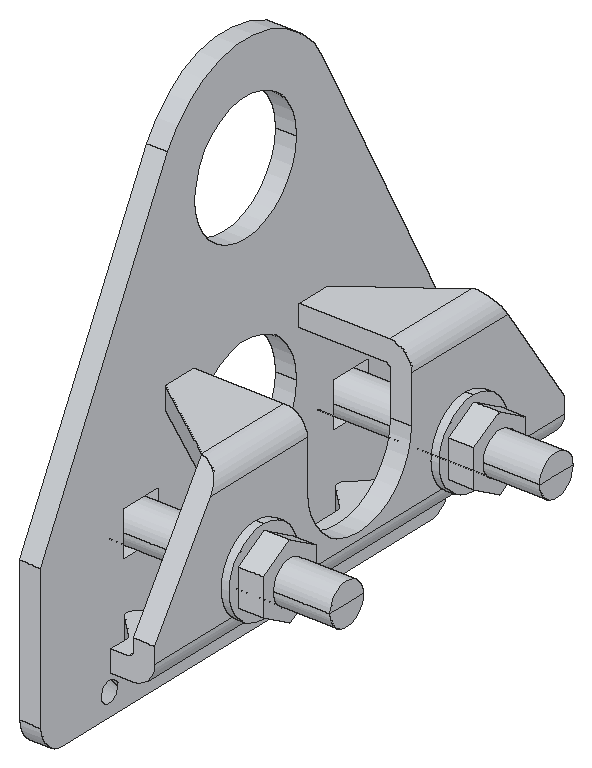
Revit family "Construction_Roof-Accessories_TRA-Snow-Sun_C22Z-clamp-On", category Specialty Equipment, host Face, Revit 2026
Family settings
  Host = Face
  Round Connector Dimension = Use Diameter
  Part Type = Normal
  Classification Number = 23.35.20.31.27.14
  Enable Cutting in Views = No
  Cut with Voids When Loaded = No
  Maintain Annotation Orientation = No
  Shared = No
  Room Calculation Point = No
Parameters (values of type "C22Z Clamp-on")
  z_One [instance] = not(z_Array)  # yes
  z_Number of Сlamps Real [instance] = rounddown(z_Length / z_Horizontal Spacing + 1)  # 1
  z_Number of Сlamps [instance] = if(z_Length / z_Horizontal Spacing + 1 < 2, 2, rounddown(z_Length / z_Horizontal Spacing + 1))  # 2
  z_Length [instance] = if(Overall Length < 0.00", 0.00", Overall Length)  # 0.00"
  z_Horizontal Spacing [instance] = if(Horizontal Spacing < 2.50", 2.50", Horizontal Spacing)  # 2.50"
  z_Array [instance] = if(z_Number of Сlamps Real < 2, 1 = 2, 1 = 1)  # no
  Width Min [instance] = 1.19"  # constant formula
  Width Max [instance] = 1.65"  # constant formula
  Width [instance] = if(Desired Width < Width Min, Width Min, if(Desired Width > Width Max, Width Max, Desired Width))  # 1.19"
  Desired Width [instance] = 1.19"
  Weight = 1.80 lbf  # constant formula
  Version = 1
  URL = "https://trasnowandsun.com/"
  Rib Height Min [instance] = 1.46"  # constant formula
  Rib Height Max [instance] = Height - 2.34"  # 2.35"
  Rib Height [instance] = if(Desired Rib Height < Rib Height Min, Rib Height Min, if(Desired Rib Height > Rib Height Max, Rib Height Max, Desired Rib Height))  # 1.46"
  Desired Rib Height [instance] = 1.46"
  Product data url = "https://bimobject.com/tra-snow-and-sun/product/C22Z-Clamp-on"
  Product Page URL = "https://trasnowandsun.com/product/c22z-clamp-on/"
  Product Documentation Link = "https://trasnowandsun.com/wp-content/uploads/C22Z_Clamp-on_PDS.pdf"
  Overall Length Note [instance] = "To show a single Bracket in the Row, please set Overall Length less than Horizontal Spacing"  # constant formula
  Overall Length [instance] = 0.00"
  Number of Сlamps [instance] = if(Overall Length < Horizontal Spacing, 1, if(and(z_Length > z_Horizontal Spacing, z_Length < z_Horizontal Spacing * 2), 2, z_Number of Сlamps))  # 2
  Model = "C22Z Clamp-on"
  Material Type Selection [instance] = 1
  Material Type [instance] = if(or(Material Type Selection < 1, Material Type Selection > 3), "Please Select integer between 1-3", if(Material Type Selection = 1, "Zinc Coated Steel: 3/16” (ASTM A36)", if(Material Type Selection = 2, "Copper: 1/4” (ASTM B152)", if(Material Type Selection = 3, "Stainless Steel: 8ga. (ASTM A240)", "Zinc Coated Steel: 3/16” (ASTM A36)"))))  # "Zinc Coated Steel: 3/16” (ASTM A36)"
  Material Note [instance] = "Pure metal as well as powder color coatings are available. When you choose Pure Metal as a finish, please make sure you match the selected material under the Material Type Selection parameter."  # constant formula
  Manufacturer = "TRA Snow & Sun"
  Length = 4.50"  # constant formula
  Horizontal Spacing [instance] = 0.00"
  Height Min [instance] = 4.69"  # constant formula
  Height Max [instance] = 5.69"  # constant formula
  Height [instance] = if(Desired Height < Height Min, Height Min, if(Desired Height > Height Max, Height Max, Desired Height))  # 4.69"
  Desired Height [instance] = 4.69"
  Finish Material [instance] = TRA Snow & Sun - Finish - Zinc Plated Steel
  Description = "C22Z Clamp-on - Used on: Designed for new construction or retrofit standing seam metal roofs"  # constant formula
  Default Elevation = 48.00"
  Date Updated = ""
  Date Created = "2024/05/17"
Reference planes (in)
  plane 1 "Center (Front/Back)": y = 0
  plane 2: z = 0
  plane 3 "Center (Left/Right)": x = 0
  plane 4: x = 0
  plane 5: x = 2.5
Dimensions and locks (in)
  "Overall Length": plane 3 "Center (Left/Right)" to plane 4
  "z_Horizontal Spacing": plane 3 "Center (Left/Right)" to plane 5
  group 1 to group 2 = 2.50"
  group 1 to group 2 = 0.00"  (x2)
  aligned and locked: plane 2 to host face
  aligned and locked: level to host face
  aligned and locked: plane 3 "Center (Left/Right)" to nested 1
  aligned and locked: plane 5 to nested 2
  aligned and locked: plane 1 "Center (Front/Back)" to nested 2
  aligned and locked: plane 3 "Center (Left/Right)" to nested 3
Automatic sketch dimensions
  host sketch curve to host sketch curve = 62.6937"
  host sketch curve to host sketch curve = 44.37053"
Nested families (in)
  nested 1: "C22Z Clamp-on" at (0, 0, 0), visible <- "z_Array", type "C22Z Clamp-on"
    with Rib Height for Void 0.20", Offset 0.10", Bolt yes
  nested 2: "C22Z Clamp-on" at (2.5, 0, 0), visible <- "z_Array", type "C22Z Clamp-on"
    with Rib Height for Void 0.20", Offset 0.10", Bolt yes
  nested 3: "C22Z Clamp-on" at (0, 0, 0), visible <- "z_One", type "C22Z Clamp-on"
    with Rib Height for Void 0.20", Offset 0.10", Bolt yes
Definition of nested family "C22Z Clamp-on"
  Parameters (values of type "C22Z Clamp-on")
    Width = 1.19"
    Rib Height for Void [instance] = 0.20"  # constant formula
    Rib Height = 1.46"
    Offset [instance] = if(Width > 1.19", 0.00", 0.10")  # 0.10"
    Max Rib Height for Void = Height - 3.31" - 0.57"  # 0.81"
    Length = 4.50"
    Height = 4.69"
    Finish Material = none
    Default Elevation = 48.00"
    Bolt [instance] = yes
  Reference planes (in)
    plane 1 "Center (Front/Back)": y = 0
    plane 2: z = 0
    plane 3 "Center (Left/Right)": x = 0
    plane 4: x = -0.595
    plane 5: x = 0.595
    plane 6: y = 2.25
    plane 7: y = -2.25
    plane 8: z = 0.37026
    plane 9: z = 1.37987
    plane 10: z = 4.69
    plane 11: x = -0.408
    plane 12: x = 0.408
    plane 13: z = 1.38
    plane 14: y = -0.75
    plane 15: y = -1.5
    plane 16: y = 0.75
    plane 17: y = 1.5
    plane 18: z = 0.2
    plane 19: z = 0.35
  Forms (in)
    Extrusion 1, solid
      sketch origin (0, 0, 0) x (1, 0, 0) y (0, 1, 0)
        loop
          line (-48, 48) -> (-48, -48) -> (48, -48) -> (48, 48) -> (-48, 48)
      from 0 to -12
    Extrusion 2, solid, material <- "Finish Material", detail levels medium+fine
      sketch origin (-0.595, 25.92102, 48) x (0, 1, 0) y (0, 0, 1)
        loop
          arc (-23.91159, -48) -> (-23.74148, -47.92954) -> (-23.67102, -47.75943) r 0.24057
          line (-23.67102, -47.75943) -> (-23.67102, -46.49618) -> (-25.06886, -43.82578)
          arc (-25.06886, -43.82578) -> (-25.92102, -43.31) -> (-26.77318, -43.82578) r 0.96185
          line (-26.77318, -43.82578) -> (-28.17102, -46.49618) -> (-28.17102, -47.75943)
          arc (-28.17102, -47.75943) -> (-28.10056, -47.92954) -> (-27.93045, -48) r 0.24057
          line (-27.93045, -48) -> (-23.91159, -48)
        loop
          circle (-25.92102, -44.32196) r 0.565
        loop
          circle (-25.92102, -46.24383) r 0.565
        loop
          line (-26.87922, -46.42013) -> (-27.27602, -46.42013) -> (-27.27602, -46.82013) -> (-26.87922, -46.82013) -> (-26.87922, -46.42013)
        loop
          line (-24.96282, -46.42013) -> (-24.96282, -46.82013) -> (-24.56282, -46.82013) -> (-24.56282, -46.42013) -> (-24.96282, -46.42013)
      from 0 to 0.187
    Extrusion 3, solid, material <- "Finish Material", detail levels medium+fine
      sketch origin (0.595, 0, 0) x (0, 0, 1) y (-1, 0, 0)
        loop
          line (0.89325, 1.003) -> (0.89325, 0.2)
          arc (0.89325, 0.2) -> (0.95183, 0.05858) -> (1.09325, 0) r 0.2
          line (1.09325, 0) -> (2.15325, 0)
          arc (2.15325, 0) -> (2.29467, 0.05858) -> (2.35325, 0.2) r 0.2
          line (2.35325, 0.2) -> (2.35325, 1.003) -> (2.16625, 1.003) -> (2.16625, 0.247)
          arc (2.16625, 0.247) -> (2.14868, 0.20457) -> (2.10625, 0.187) r 0.06
          line (2.10625, 0.187) -> (1.1376, 0.187)
          arc (1.1376, 0.187) -> (1.09705, 0.2038) -> (1.08025, 0.24435) r 0.05735
          line (1.08025, 0.24435) -> (1.08025, 1.003) -> (0.89325, 1.003)
      from -2.25 to 2.25
    Extrusion 4, void
      sketch origin (0.395, 0, 2.35325) x (0, -1, 0) y (-1, 0, 0)
        loop
          line (2.25, 0.18974) -> (2.25, 0.803) -> (-2.25, 0.803) -> (-2.25, 0.18974) -> (-2.06088, 0.18974)
          arc (-2.06088, 0.18974) -> (-2.04279, 0.19416) -> (-2.0288, 0.20644) r 0.03916
          line (-2.0288, 0.20644) -> (-1.8377, 0.39753)
          arc (-1.8377, 0.39753) -> (-1.77948, 0.42165) -> (-1.72125, 0.39753) r 0.08234
          line (-1.72125, 0.39753) -> (-1.53016, 0.20644)
          arc (-1.53016, 0.20644) -> (-1.51616, 0.19416) -> (-1.49808, 0.18974) r 0.03916
          line (-1.49808, 0.18974) -> (-0.82458, 0.18974)
          arc (-0.82458, 0.18974) -> (-0.8065, 0.19416) -> (-0.7925, 0.20644) r 0.03916
          line (-0.7925, 0.20644) -> (-0.60141, 0.39753)
          arc (-0.60141, 0.39753) -> (-0.54318, 0.42165) -> (-0.48496, 0.39753) r 0.08234
          line (-0.48496, 0.39753) -> (-0.29386, 0.20644)
          arc (-0.29386, 0.20644) -> (-0.27987, 0.19416) -> (-0.26179, 0.18974) r 0.03916
          line (-0.26179, 0.18974) -> (0.26179, 0.18974)
          arc (0.26179, 0.18974) -> (0.27987, 0.19416) -> (0.29386, 0.20644) r 0.03916
          line (0.29386, 0.20644) -> (0.48496, 0.39753)
          arc (0.48496, 0.39753) -> (0.54318, 0.42165) -> (0.60141, 0.39753) r 0.08234
          line (0.60141, 0.39753) -> (0.7925, 0.20644)
          arc (0.7925, 0.20644) -> (0.8065, 0.19416) -> (0.82458, 0.18974) r 0.03916
          line (0.82458, 0.18974) -> (1.49808, 0.18974)
          arc (1.49808, 0.18974) -> (1.51616, 0.19416) -> (1.53016, 0.20644) r 0.03916
          line (1.53016, 0.20644) -> (1.72125, 0.39753)
          arc (1.72125, 0.39753) -> (1.77948, 0.42165) -> (1.8377, 0.39753) r 0.08234
          line (1.8377, 0.39753) -> (2.0288, 0.20644)
          arc (2.0288, 0.20644) -> (2.04279, 0.19416) -> (2.06088, 0.18974) r 0.03916
          line (2.06088, 0.18974) -> (2.25, 0.18974)
      from 0.97325 to 7
    Extrusion 5, void
      sketch origin (0.595, 0, 1.09325) x (0, 0, -1) y (0, -1, 0)
        loop
          arc (-0.64264, -0.58) -> (-0.06264, 0) -> (-0.64264, 0.58) r 0.58
          line (-0.64264, 0.58) -> (-1.34897, 0.58) -> (-1.34897, -0.58) -> (-0.64264, -0.58)
        loop
          line (-0.14621, -2.25) -> (-1.34897, -1.43873) -> (-1.34897, -2.25) -> (-0.14621, -2.25)
        loop
          circle (-0.28675, -1.155) r 0.1875
        loop
          line (-0.14621, 2.25) -> (-1.34897, 2.25) -> (-1.34897, 1.43873) -> (-0.14621, 2.25)
        loop
          circle (-0.28675, 1.155) r 0.1875
      from -1 to 1.003
    Extrusion 6, void
      sketch origin (0.395, 0, 2.35325) x (0, -1, 0) y (-1, 0, 0)
        loop
          line (0.88748, 0.803) -> (1.49903, -0.013) -> (2.25, -0.013) -> (2.25, 0.803) -> (0.88748, 0.803)
        loop
          line (-0.88748, 0.803) -> (-2.25, 0.803) -> (-2.25, -0.013) -> (-1.49903, -0.013) -> (-0.88748, 0.803)
      from -0.15567 to 0.4
    Revolve 7, solid, material <- "Finish Material", detail levels fine
      sketch origin (-0.595, -180, 1.38) x (0, -1, 0) y (1, 0, 0)
        loop
          line (-181.155, 2) -> (-181.335, 2) -> (-181.335, 0) -> (-181.53, 0) -> (-181.53, -0.03119)
          arc (-181.53, -0.03119) -> (-181.36074, -0.15367) -> (-181.155, -0.19) r 0.46652
          line (-181.155, -0.19) -> (-181.155, 2)
        axis (-181.155, 2) -> (-181.155, -0.19)
      angle from 0 to 360
    Revolve 8, solid, material <- "Finish Material", detail levels fine
      sketch origin (-0.595, 180, 1.38) x (0, -1, 0) y (1, 0, 0)
        loop
          line (181.155, 2) -> (181.155, -0.19)
          arc (181.155, -0.19) -> (181.36074, -0.15367) -> (181.53, -0.03119) r 0.46652
          line (181.53, -0.03119) -> (181.53, 0) -> (181.335, 0) -> (181.335, 2) -> (181.155, 2)
        axis (181.155, 2) -> (181.155, -0.19)
      angle from 0 to 360
    Extrusion 9, solid, material <- "Finish Material", detail levels fine
      sketch origin (0.595, 0, 0) x (0, 0, 1) y (0, -1, 0)
        loop
          circle (1.38, -1.155) r 0.375
        loop
          circle (1.38, 1.155) r 0.375
        loop
          circle (1.38, -1.155) r 0.1875
        loop
          circle (1.38, 1.155) r 0.1875
      from 0 to 0.08
    Extrusion 10, solid, material <- "Finish Material", detail levels fine
      sketch origin (0.675, 0, 0) x (0, 0, 1) y (0, -1, 0)
        loop
          line (1.54358, -0.87166) -> (1.21642, -0.87166) -> (1.05283, -1.155) -> (1.21642, -1.43834) -> (1.54358, -1.43834) -> (1.70717, -1.155) -> (1.54358, -0.87166)
        loop
          line (1.54358, 0.87166) -> (1.70717, 1.155) -> (1.54358, 1.43834) -> (1.21642, 1.43834) -> (1.05283, 1.155) -> (1.21642, 0.87166) -> (1.54358, 0.87166)
        loop
          circle (1.38, -1.155) r 0.1875
        loop
          circle (1.38, 1.155) r 0.1875
      from 0 to 0.23
    Extrusion 11, solid, material <- "Finish Material", detail levels coarse
      sketch origin (-0.595, 25.92102, 48) x (0, 1, 0) y (0, 0, 1)
        loop
          line (-23.67102, -43.31) -> (-28.17102, -43.31) -> (-28.17102, -48) -> (-23.67102, -48) -> (-23.67102, -43.31)
      from 0 to 0.187
    Extrusion 12, solid, material <- "Finish Material", detail levels coarse
      sketch origin (0.595, 0, 0) x (0, 0, 1) y (-1, 0, 0)
        loop
          line (2.35325, 0) -> (2.35325, 1.003) -> (2.16625, 1.003) -> (2.16625, 0.187) -> (1.08025, 0.187) -> (1.08025, 1.003) -> (0.89325, 1.003) -> (0.89325, 0) -> (2.35325, 0)
      from -2.25 to 2.25
    Blend 13, void
      base sketch origin (-0.595, 25.92102, 48) x (0, 1, 0) y (0, 0, 1)
        loop
          circle (-25.92102, -47.8) r 0.187
      top sketch origin (-0.595, 25.92102, 48) x (0, 1, 0) y (0, 0, 1)
        loop
          circle (-25.92102, -47.8) r 0.095
      from 0 to 0.187
    Blend 14, void
      base sketch origin (-0.595, 24.42102, 48) x (0, 1, 0) y (0, 0, 1)
        loop
          circle (-25.92102, -47.8) r 0.187
      top sketch origin (-0.595, 24.42102, 48) x (0, 1, 0) y (0, 0, 1)
        loop
          circle (-25.92102, -47.8) r 0.095
      from 0 to 0.187
    Blend 15, void
      base sketch origin (-0.595, 25.17102, 48.15) x (0, 1, 0) y (0, 0, 1)
        loop
          circle (-25.92102, -47.8) r 0.187
      top sketch origin (-0.595, 25.17102, 48.15) x (0, 1, 0) y (0, 0, 1)
        loop
          circle (-25.92102, -47.8) r 0.095
      from 0 to 0.187
    Blend 16, void
      base sketch origin (-0.595, -24.42102, 48) x (0, -1, 0) y (0, 0, -1)
        loop
          circle (-25.92102, 47.8) r 0.187
      top sketch origin (-0.595, -24.42102, 48) x (0, -1, 0) y (0, 0, -1)
        loop
          circle (-25.92102, 47.8) r 0.095
      from 0 to 0.187
    Blend 17, void
      base sketch origin (-0.595, -25.17102, 48.15) x (0, -1, 0) y (0, 0, -1)
        loop
          circle (-25.92102, 47.8) r 0.187
      top sketch origin (-0.595, -25.17102, 48.15) x (0, -1, 0) y (0, 0, -1)
        loop
          circle (-25.92102, 47.8) r 0.095
      from 0 to 0.187
  Cuts and joins
    Extrusion 4, Extrusion 6, Blend 13, Blend 14, Blend 15, Blend 16, Blend 17 cuts Extrusion 2
    Extrusion 4, Extrusion 5, Extrusion 6 cuts Extrusion 3
    Blend 13, Blend 17 cuts Extrusion 12
  Lines and regions (in)
    Masking region 1
      outline origin (0.595, 0, 4.69) x (0, -1, 0) y (1, 0, 0)
        loop
          line (-2.25, -1.19) -> (2.25, -1.19) -> (2.25, -1.003) -> (-2.25, -1.003) -> (-2.25, -1.19)
    Masking region 2, detail levels coarse
      outline origin (0.595, 0, 4.69) x (0, -1, 0) y (1, 0, 0)
        loop
          line (-2.25, 0) -> (-2.25, -1.003) -> (2.25, -1.003) -> (2.25, 0) -> (-2.25, 0)
    Masking region 3, detail levels fine
      outline origin (0.595, 0, 4.69) x (0, -1, 0) y (1, 0, 0)
        loop
          line (-1.53, -1.19) -> (-1.53, -1.22119)
          arc (-1.53, -1.22119) -> (-1.155, -1.38367) -> (-0.78, -1.22119) r 0.51399
          line (-0.78, -1.22119) -> (-0.78, -1.19) -> (-1.53, -1.19)
        loop
          line (1.53, -1.19) -> (0.78, -1.19) -> (0.78, -1.22119)
          arc (0.78, -1.22119) -> (1.155, -1.38203) -> (1.53, -1.22119) r 0.51757
          line (1.53, -1.22119) -> (1.53, -1.19)
        loop
          line (0.78, 0) -> (1.53, 0) -> (1.53, 0.08) -> (1.43834, 0.08) -> (1.43834, 0.31) -> (0.87166, 0.31) -> (0.87166, 0.08) -> (0.78, 0.08) -> (0.78, 0)
        loop
          line (-1.53, 0) -> (-0.78, 0) -> (-0.78, 0.08) -> (-0.87166, 0.08) -> (-0.87166, 0.31) -> (-1.43834, 0.31) -> (-1.43834, 0.08) -> (-1.53, 0.08) -> (-1.53, 0)
    Masking region 4, detail levels fine
      outline origin (0.595, 0, 4.69) x (0, -1, 0) y (1, 0, 0)
        loop
          line (-1.3425, 0.31) -> (-0.975, 0.31) -> (-0.975, 0.81) -> (-1.3425, 0.81) -> (-1.3425, 0.31)
        loop
          line (0.9675, 0.31) -> (1.335, 0.31) -> (1.335, 0.81) -> (0.9675, 0.81) -> (0.9675, 0.31)
    Masking region 5, visible <- "Bolt", detail levels fine
      outline origin (0, 0, 0) x (1, 0, 0) y (0, 1, 0)
        loop
          line (0.508, 1.3425) -> (-0.408, 1.3425) -> (-0.408, 0.975) -> (0.508, 0.975) -> (0.508, 1.3425)
        loop
          line (-0.408, -0.9675) -> (-0.408, -1.335) -> (0.508, -1.335) -> (0.508, -0.9675) -> (-0.408, -0.9675)
    Masking region 6, detail levels medium+fine
      outline origin (0, 0, 0) x (1, 0, 0) y (0, 1, 0)
        loop
          line (0.595, 2.25) -> (0.20526, 2.25) -> (0.20526, 2.06088)
          arc (0.20526, 2.06088) -> (0.20084, 2.04279) -> (0.18856, 2.0288) r 0.03916
          line (0.18856, 2.0288) -> (-0.00253, 1.8377)
          arc (-0.00253, 1.8377) -> (-0.02665, 1.77948) -> (-0.00253, 1.72125) r 0.08234
          line (-0.00253, 1.72125) -> (0.18856, 1.53016)
          arc (0.18856, 1.53016) -> (0.20084, 1.51616) -> (0.20526, 1.49808) r 0.03916
          line (0.20526, 1.49808) -> (0.20526, 1.34709) -> (-0.408, 0.88748) -> (-0.408, 0.58) -> (-0.01796, 0.58)
          arc (-0.01796, 0.58) -> (-0.02559, 0.52999) -> (-0.00253, 0.48496) r 0.08234
          line (-0.00253, 0.48496) -> (0.18856, 0.29386)
          arc (0.18856, 0.29386) -> (0.20084, 0.27987) -> (0.20526, 0.26179) r 0.03916
          line (0.20526, 0.26179) -> (0.20526, -0.26179)
          arc (0.20526, -0.26179) -> (0.20084, -0.27987) -> (0.18856, -0.29386) r 0.03916
          line (0.18856, -0.29386) -> (-0.00253, -0.48496)
          arc (-0.00253, -0.48496) -> (-0.02559, -0.52999) -> (-0.01796, -0.58) r 0.08234
          line (-0.01796, -0.58) -> (-0.408, -0.58) -> (-0.408, -0.88748) -> (0.20526, -1.34709) -> (0.20526, -1.49808)
          arc (0.20526, -1.49808) -> (0.20084, -1.51616) -> (0.18856, -1.53016) r 0.03916
          line (0.18856, -1.53016) -> (-0.00253, -1.72125)
          arc (-0.00253, -1.72125) -> (-0.02665, -1.77948) -> (-0.00253, -1.8377) r 0.08234
          line (-0.00253, -1.8377) -> (0.18856, -2.0288)
          arc (0.18856, -2.0288) -> (0.20084, -2.04279) -> (0.20526, -2.06088) r 0.03916
          line (0.20526, -2.06088) -> (0.20526, -2.25) -> (0.595, -2.25) -> (0.595, 2.25)
    reference lines
      curve 1: line (-0.595, 0, 0) -> (0.595, 0, 0)
      curve 2: line (0.595, 0, 0) -> (0.595, 0, 4.69)
    symbolic lines, detail levels medium+fine
      curve 3: line (-0.408, -0.58, 4.69) -> (0.59462, -0.58, 4.69)
      curve 4: line (-0.408, 0.58, 4.69) -> (0.59462, 0.58, 4.69)
      curve 5: line (0.595, -1.63917, 4.69) -> (-0.408, -0.88748, 4.69)
    symbolic lines, detail levels fine
      curve 6: line (0.675, 0.78, 4.69) -> (0.675, 1.53, 4.69)
      curve 7: line (0.675, -1.43834, 4.69) -> (0.675, -0.78, 4.69)
      curve 8: line (0.675, -1.155, 4.69) -> (0.905, -1.155, 4.69)
      curve 9: line (0.675, 1.155, 4.69) -> (0.905, 1.155, 4.69)
      curve 10: line (-0.408, 0.88748, 0) -> (0.595, 1.63917, 0)
  Dimensions and locks (in)
    equal spacing: plane 4, plane 3 "Center (Left/Right)", plane 5
    equal spacing: plane 6, plane 1 "Center (Front/Back)", plane 7
    "Length": plane 6 to plane 7
    "Height": plane 10 to level
    "Width": plane 4 to plane 5
    locked: plane 4 to plane 11 at 0.187
    locked: plane 12 to plane 5 at 0.187
    locked: plane 10 to Extrusion 5 sketch curve at 2.24778
    plane 10 to Extrusion 5 sketch curve to Extrusion 5 sketch curve = 2.95411" locked, 0.35589" locked
    locked: plane 10 to Extrusion 5 sketch curve at 3.45054  (x2)
    locked: Revolve 7 sketch curve to plane 4 at 0.19
    locked: plane 4 to Revolve 7 sketch curve at 2
    locked: Revolve 8 sketch curve to plane 4 at 0.19
    locked: plane 4 to Revolve 8 sketch curve at 2
    plane 10 to Extrusion 2 sketch curve to Extrusion 2 sketch curve = 1.01196" locked, 1.92188" locked
    locked: plane 8 to level at 0.37026
    locked: plane 10 to plane 9 at 3.31013
    locked: plane 10 to Extrusion 2 sketch curve at 3.18618  (x2)
    plane 10 to Extrusion 12 sketch curve to Extrusion 12 sketch curve = 2.33675" locked, 0.187" locked
    plane 10 to Extrusion 3 sketch curve to Extrusion 3 sketch curve = 2.33675" locked, 0.187" locked
    locked: plane 10 to Extrusion 5 sketch curve at 3.31
    locked: plane 10 to plane 13 at 3.31
    "Offset": plane 12 to Masking region 5 sketch curve
    locked: Extrusion 12 sketch curve to Extrusion 12 sketch curve at 0.187
    "Rib Height": Extrusion 12 sketch curve to Extrusion 12 sketch curve
    locked: Extrusion 3 sketch curve to Extrusion 3 sketch curve at 0.187
    "Rib Height": Extrusion 3 sketch curve to Extrusion 3 sketch curve
    Extrusion 2 sketch curve to plane 9 to Extrusion 2 sketch curve = 0.20" locked, 0.20" locked
    locked: plane 1 "Center (Front/Back)" to plane 14 at 0.75
    locked: plane 14 to plane 15 at 0.75
    locked: plane 16 to plane 17 at 0.75
    locked: plane 16 to plane 1 "Center (Front/Back)" at 0.75
    locked: plane 19 to plane 18 at 0.15
    "Rib Height for Void": plane 18 to plane 2
    aligned and locked: plane 2 to Extrusion 1
    aligned and locked: level to Extrusion 1
    aligned and locked: plane 4 to curve 1
    aligned and locked: plane 5 to curve 1
    aligned and locked: curve 1 to curve 2
    aligned and locked: plane 5 to curve 2
    aligned and locked: plane 11 to Extrusion 2
    aligned and locked: plane 6 to Extrusion 3
    aligned and locked: Extrusion 3 to plane 7
    aligned and locked: Extrusion 5 sketch curve to Extrusion 5 sketch curve  (x2)
    aligned and locked: plane 4 to Revolve 7 sketch curve
    aligned and locked: Revolve 8 sketch curve to plane 4
    aligned and locked: plane 13 to Extrusion 9 sketch curve  (x2)
    aligned and locked: plane 13 to Extrusion 10 sketch curve
    aligned and locked: Extrusion 11 sketch curve to plane 10
    aligned and locked: plane 11 to Extrusion 11
    aligned and locked: Extrusion 12 to plane 7
    aligned and locked: plane 6 to Extrusion 12
    aligned and locked: Masking region 1 sketch curve to Extrusion 11  (x4)
    aligned and locked: Masking region 2 sketch curve to Extrusion 12  (x4)
    aligned and locked: curve 5 to cut or joined group of Extrusion 3, Extrusion 4, Extrusion 5, Extrusion 6
    aligned and locked: Extrusion 12 to curve 5
    aligned and locked: Masking region 3 sketch curve to Revolve 7
    aligned and locked: Revolve 8 to Masking region 3 sketch curve
    aligned and locked: Extrusion 9 to Masking region 3 sketch curve  (x3)
    aligned and locked: Masking region 3 sketch curve to Extrusion 9
    aligned and locked: Extrusion 10 to Masking region 3 sketch curve
    aligned and locked: Masking region 3 sketch curve to Extrusion 10  (x3)
    aligned and locked: Extrusion 9 to curve 6
    aligned and locked: Extrusion 9 to curve 7
    aligned and locked: curve 8 to Extrusion 10
    aligned and locked: curve 9 to Extrusion 10
    aligned and locked: Masking region 5 sketch curve to plane 11
    aligned and locked: plane 11 to Masking region 5 sketch curve
    aligned and locked: Masking region 6 sketch curve to cut or joined group of Extrusion 3, Extrusion 4, Extrusion 5, Extrusion 6  (x7)
    aligned and locked: cut or joined group of Extrusion 3, Extrusion 4, Extrusion 5, Extrusion 6 to Masking region 6 sketch curve  (x2)
    aligned and locked: Masking region 6 sketch curve to Extrusion 12
    aligned and locked: curve 10 to Masking region 6  (x2)
    aligned and locked: plane 5 to curve 10
    aligned and locked: curve 3 to Masking region 6
    aligned and locked: Masking region 6 to curve 4
    aligned and locked: Masking region 5 sketch curve to Masking region 5 sketch curve
    aligned and locked: Masking region 4 sketch curve to Revolve 7
    aligned and locked: Masking region 4 sketch curve to Revolve 8
    aligned and locked: Extrusion 2 sketch curve to Extrusion 2 sketch curve  (x2)
    aligned and locked: plane 1 "Center (Front/Back)" to Blend 13 sketch curve  (x2)
    aligned and locked: plane 18 to Blend 13 sketch curve  (x2)
    aligned and locked: plane 15 to Blend 14 sketch curve  (x2)
    aligned and locked: plane 18 to Blend 14 sketch curve  (x2)
    aligned and locked: plane 14 to Blend 15 sketch curve  (x2)
    aligned and locked: plane 19 to Blend 15 sketch curve  (x2)
    aligned and locked: plane 16 to Blend 17 sketch curve  (x2)
    aligned and locked: plane 19 to Blend 17 sketch curve  (x2)
    aligned and locked: plane 17 to Blend 16 sketch curve
    aligned and locked: plane 18 to Blend 16 sketch curve  (x2)
  Automatic sketch dimensions
    Extrusion 1 sketch curve to Extrusion 1 sketch curve = 96.00"  (x2)
    Extrusion 2 sketch curve to plane 7 = 0.00"
    Extrusion 2 sketch curve to level = 0.00"
    Extrusion 2 sketch curve to plane 1 "Center (Front/Back)" = 0.00"  (x3)
    Extrusion 2 sketch curve to plane 6 = 0.00"
    plane 7 to Extrusion 2 sketch curve = 0.24057"
    Extrusion 2 sketch curve to plane 15 = 0.145"
    plane 14 to Extrusion 2 sketch curve = 0.2082"
    plane 14 to Extrusion 2 sketch curve = 0.10216"
    plane 16 to Extrusion 2 sketch curve = 0.10216"
    plane 16 to Extrusion 2 sketch curve = 0.2082"
    Extrusion 2 sketch curve to plane 17 = 0.1418"
    Extrusion 2 sketch curve to plane 6 = 0.24057"
    Extrusion 2 sketch curve to Extrusion 2 sketch curve = 0.0501"
    Extrusion 2 sketch curve to plane 10 = 0.51578"
    plane 1 "Center (Front/Back)" to curve 1 = 0.00"
    curve 2 to plane 10 = 0.00"
    Extrusion 3 to Extrusion 4 sketch curve = 0.00"
    Extrusion 4 sketch curve to Extrusion 3 = 0.00"  (x2)
    Extrusion 3 to Extrusion 4 sketch curve = 0.18912"
    Extrusion 4 sketch curve to Extrusion 4 sketch curve = 0.03208"  (x8)
    Extrusion 4 sketch curve to Extrusion 4 sketch curve = 0.1911"  (x9)
    Extrusion 4 sketch curve to Extrusion 4 sketch curve = 0.05822"  (x10)
    Extrusion 3 to Extrusion 4 sketch curve = 0.20644"  (x6)
    Extrusion 4 sketch curve to Extrusion 4 sketch curve = 0.6735"  (x2)
    Extrusion 3 to Extrusion 4 sketch curve = 0.39753"  (x4)
    Extrusion 3 to Extrusion 4 sketch curve = 0.2289"  (x3)
    Extrusion 4 sketch curve to Extrusion 4 sketch curve = 0.52357"
    Extrusion 3 to Extrusion 4 sketch curve = 0.2212"
    Extrusion 4 sketch curve to Extrusion 4 sketch curve = 0.02246"  (x4)
    Extrusion 5 sketch curve to Extrusion 3 = 0.00"  (x2)
    Extrusion 5 sketch curve to Extrusion 5 sketch curve = 0.81127"  (x2)
    Extrusion 5 sketch curve to Extrusion 3 = 1.095"
    Extrusion 5 sketch curve to Extrusion 5 sketch curve = 0.575"  (x2)
    Extrusion 5 sketch curve to Extrusion 5 sketch curve = 0.58"
    Extrusion 6 sketch curve to Extrusion 3 = 0.00"  (x3)
    Extrusion 3 to Extrusion 6 sketch curve = 0.00"
    Extrusion 6 sketch curve to Extrusion 3 = 0.013"  (x2)
    Extrusion 3 to Extrusion 6 sketch curve = 0.75097"  (x2)
    Extrusion 6 sketch curve to Extrusion 6 sketch curve = 0.61154"
    Extrusion 3 to Extrusion 6 sketch curve = 1.36252"
    curve 5 to plane 5 = 0.00"
    plane 17 to curve 6 = 0.03"
    plane 16 to curve 6 = 0.03"
    curve 4 to plane 16 = 0.17"
    curve 3 to plane 14 = 0.17"
    plane 14 to curve 7 = 0.03"
    curve 7 to plane 15 = 0.06166"
    curve 4 to plane 5 = 0.00038"
    curve 3 to plane 5 = 0.00038"
    curve 9 to curve 9 = 0.23"
    curve 8 to curve 8 = 0.23"
    Revolve 7 sketch curve to plane 5 = 0.00"
    plane 17 to Revolve 7 sketch curve = 0.03"
    Revolve 7 sketch curve to plane 17 = 0.165"
    plane 11 to Revolve 7 sketch curve = 0.08892"
    Revolve 7 sketch curve to Revolve 7 sketch curve = 0.15618"
    Revolve 7 sketch curve to Revolve 7 sketch curve = 0.18"
    Revolve 7 sketch curve to Revolve 7 sketch curve = 0.00"
    Revolve 7 sketch curve to Revolve 7 sketch curve = 0.24405"
    Revolve 8 sketch curve to plane 5 = 0.00"
    Revolve 8 sketch curve to plane 15 = 0.345"
    plane 11 to Revolve 8 sketch curve = 0.08892"
    Revolve 8 sketch curve to plane 15 = 0.32118"
    Revolve 8 sketch curve to plane 15 = 0.165"
    plane 15 to Revolve 8 sketch curve = 0.03"
    Revolve 8 sketch curve to Revolve 8 sketch curve = 0.00"
    Revolve 8 sketch curve to Revolve 8 sketch curve = 0.24405"
    Extrusion 9 sketch curve to Extrusion 9 sketch curve = 0.00"  (x4)
    curve 2 to Extrusion 9 sketch curve = 1.155"
    Extrusion 9 sketch curve to curve 2 = 1.155"
    Extrusion 10 sketch curve to Extrusion 10 sketch curve = 0.16358"  (x10)
    Extrusion 10 sketch curve to Extrusion 10 sketch curve = 0.32717"  (x2)
    Extrusion 10 sketch curve to Extrusion 10 sketch curve = 0.00"  (x3)
    Extrusion 10 sketch curve to Extrusion 10 sketch curve = 0.28334"  (x5)
    Extrusion 10 sketch curve to Extrusion 10 sketch curve = 1.74333"
    Extrusion 11 sketch curve to plane 7 = 0.00"
    Extrusion 11 sketch curve to level = 0.00"
    Extrusion 11 sketch curve to plane 6 = 0.00"
    Masking region 3 sketch curve to plane 5 = 0.00"
    plane 14 to Masking region 3 sketch curve = 0.03"  (x2)
    plane 16 to Masking region 3 sketch curve = 0.03"  (x2)
    Masking region 3 sketch curve to Masking region 3 sketch curve = 0.09166"
    plane 11 to Masking region 3 sketch curve = 0.13332"
    Masking region 3 sketch curve to plane 17 = 0.345"
    Masking region 3 sketch curve to plane 17 = 0.06166"
    plane 17 to Masking region 3 sketch curve = 0.03"  (x2)
    plane 11 to Masking region 3 sketch curve = 0.13853"
    Masking region 3 sketch curve to plane 15 = 0.345"
    plane 15 to Masking region 3 sketch curve = 0.03"  (x2)
    Masking region 3 sketch curve to Masking region 3 sketch curve = 0.03119"  (x2)
    Masking region 3 sketch curve to Masking region 3 sketch curve = 0.08"
    Masking region 4 sketch curve to plane 17 = 0.1575"
    plane 16 to Masking region 4 sketch curve = 0.225"
    plane 14 to Masking region 4 sketch curve = 0.2175"
    Masking region 4 sketch curve to plane 15 = 0.165"
    plane 5 to Masking region 4 sketch curve = 0.31"  (x2)
    Masking region 6 sketch curve to plane 3 "Center (Left/Right)" = 0.01796"  (x2)
    Masking region 6 sketch curve to plane 3 "Center (Left/Right)" = 0.00253"  (x6)
    plane 3 "Center (Left/Right)" to Masking region 6 sketch curve = 0.05569"  (x4)
    Masking region 6 sketch curve to Masking region 6 sketch curve = 0.03916"  (x4)
    Masking region 6 sketch curve to plane 15 = 0.00192"
    plane 3 "Center (Left/Right)" to Masking region 6 sketch curve = 0.1661"  (x2)
    Masking region 6 sketch curve to plane 17 = 0.00192"
    plane 15 to Masking region 6 sketch curve = 0.03016"
    Masking region 6 sketch curve to Masking region 6 sketch curve = 0.02246"  (x2)
    plane 17 to Masking region 6 sketch curve = 0.03016"
    Masking region 6 sketch curve to Masking region 6 sketch curve = 0.0167"  (x4)
    plane 7 to Masking region 6 sketch curve = 0.18912"
    Masking region 6 sketch curve to Masking region 6 sketch curve = 0.1911"  (x2)
    Masking region 6 sketch curve to Masking region 6 sketch curve = 0.05822"  (x3)
    Masking region 6 sketch curve to plane 14 = 0.17"
    Masking region 6 sketch curve to Masking region 6 sketch curve = 0.03682"
    Masking region 6 sketch curve to plane 1 "Center (Front/Back)" = 0.26179"
    Masking region 6 sketch curve to plane 16 = 0.26504"
    plane 17 to Masking region 6 sketch curve = 0.22125"
    Masking region 6 sketch curve to plane 6 = 0.2212"
    Extrusion 2 to Blend 16 sketch curve = 0.1418"
    Extrusion 3 sketch curve to curve 2 = 0.00"
    Extrusion 3 sketch curve to Extrusion 3 sketch curve = 0.013"  (x2)
    Extrusion 3 sketch curve to Extrusion 3 sketch curve = 0.05735"
    Extrusion 3 sketch curve to Extrusion 3 sketch curve = 0.06"
    Extrusion 3 sketch curve to Extrusion 3 sketch curve = 0.047"
    Extrusion 3 sketch curve to Extrusion 3 sketch curve = 0.756"
    Extrusion 3 sketch curve to Extrusion 3 sketch curve = 0.75865"
    Extrusion 12 sketch curve to curve 2 = 0.00"
    Extrusion 12 sketch curve to curve 2 = 0.187"
    Extrusion 12 sketch curve to Extrusion 12 sketch curve = 0.816"  (x2)
    Masking region 5 sketch curve to plane 15 = 0.165"
    plane 14 to Masking region 5 sketch curve = 0.2175"
    plane 16 to Masking region 5 sketch curve = 0.225"
    Masking region 5 sketch curve to plane 17 = 0.1575"
    radius of Extrusion 2 sketch curve = 0.565"  (x2)
    radius of Extrusion 5 sketch curve = 0.1875"  (x2)
    radius of Extrusion 9 sketch curve = 0.375"  (x2)
    radius of Extrusion 9 sketch curve = 0.1875"  (x2)
    radius of Extrusion 10 sketch curve to Extrusion 9 = 0.00"
    radius of Extrusion 10 sketch curve = 0.1875"
    radius of Blend 13 sketch curve = 0.187"
    radius of Blend 13 sketch curve = 0.095"
    radius of Blend 14 sketch curve = 0.187"
    radius of Blend 14 sketch curve = 0.095"
    radius of Blend 15 sketch curve = 0.187"
    radius of Blend 15 sketch curve = 0.095"
    radius of Blend 16 sketch curve = 0.187"
    radius of Blend 16 sketch curve = 0.095"
    radius of Blend 17 sketch curve = 0.187"
    radius of Blend 17 sketch curve = 0.095"
